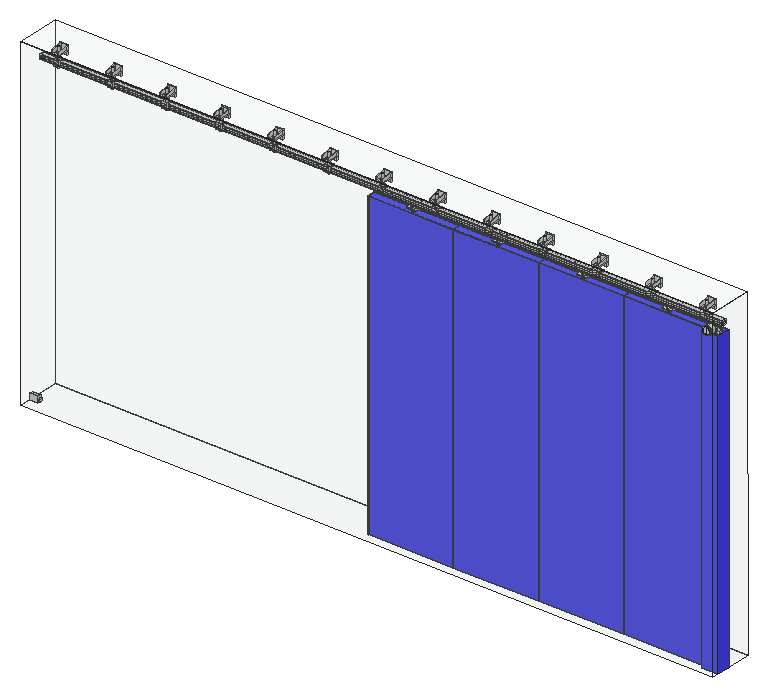
Revit family "Somati-System_SGS_Horizontal-fire-sliding-door_9050_lintel_E120_W-to-H-less-or-equal-1,3", category Doors, host Wall, Revit 2018
Family settings
  Host = Wall
  OmniClass Number = 23.30.10.00
  OmniClass Title = Doors
  Always vertical = Yes
  Cut with Voids When Loaded = No
  Shared = No
  Room Calculation Point = No
Parameters (values of type "EI 120")
  Youtube clip = "https://www.youtube.com/watch?v=pRjbxBvixFY&feature=emb_logo"
  Wing top offset [instance] = 136 mm  # constant formula
  Wing thickness = 81.2 mm
  Wing access (D) [instance] = [Width (W)] + 200 mm  # 4200 mm
  Width (W) [instance] = 4000 mm
  Weight Net (Kg) = "0"
  Uniformat II Description = ""
  Uniformat II Code = ""
  Uniclass 2015 Name = ""
  Uniclass 2015 Code = ""
  Uniclass 2.0 Description = ""
  Uniclass 2.0 Code = ""
  Uniclass 1.4 Description = ""
  Uniclass 1.4 Code = ""
  UNSPSC Code = ""
  Total height (Z) [instance] = Height Control + 420 mm  # 4020 mm
  Thickness = 0 mm
  Technical description = "https://somati-system.pl/en/download/sgs-download-en/"
  Region South America = "None"
  Region Oceania = "None"
  Region North America = "None"
  Region Middle East = "None"
  Region Europe = "AD, AL, AT, AX, BA, BE, BG, BY, CH, CY, CZ, DE, DK, EE, ES, FI, FO, FR, GB, GG, GI, GR, HR, HU, IE, IM, IS, IT, JE, LI, LT, LU, LV, MC, MD, ME, MK, MT, NL, NO, PL, PT, RO, RS, RU, SE, SI, SJ, SK, SM, UA, VA"
  Region Asia = "None"
  Region Antarctica = "None"
  Region Africa = "None"
  Rail and assembly materials [instance] = Somati - Stainless Steel - 7035
  QR code = "http://bimobject.com/somati-system/product/SGS_HORIZONTAL_FIRE_SLIDING_DOOR"
  Product url = "https://somati-system.pl/en/products/sgs-horizontal-fire-sliding-doors/"
  Product group = "SGS"
  Product family = "SGS"
  Product data url = "https://bimobject.com/somati-system/product/SGS_HORIZONTAL_FIRE_SLIDING_DOOR"
  Product certification = ""
  Product SKU = "SGS_HORIZONTAL_FIRE_SLIDING_DOOR"
  Product Guid = "8235eb12-0acf-4b60-9ca9-7613396e8d01"
  Power supply of control panel = "230V/50Hz/6A"  # constant formula
  Panel width [instance] = ([Width (W)] + 205 mm) / Number of panels in wing  # 1051.25 mm
  Panel material = Somati - Stainless Steel - Custom
  Panel height [instance] = Height Control + Wing top offset  # 3736 mm
  OmniClass Description = ""
  OmniClass Code = ""
  Offset Right [instance] = [Counterweight housing (A2)]  # 210 mm
  Offset Left [instance] = 0 mm
  Number of panels in wing [instance] = roundup([Width (W)] / 1000 mm)  # 4
  Number of hangers [instance] = ([Guide rail length (K)] - 420 mm) / 600 mm  # 13
  Nominal width = 0 mm
  Nominal height = 0 mm
  NBS Reference Description = ""
  NBS Reference Code = ""
  Model = "SGS"  # constant formula
  Max number of opening cycles = 50000  # constant formula
  Material secondary = "Composite"
  Material main = "Steel"
  Masterformat 2014 Description = ""
  Masterformat 2014 Code = ""
  Manufacturer name = "Somati System"
  Manufacturer country = "Poland"
  Manufacturer = "Somati System"  # constant formula
  Installation instructions = ""
  IFC Classification = ""
  Height Control [instance] = if([Height (H)] < 3501 mm, 3501 mm, [Height (H)])  # 3600 mm
  Height (H) [instance] = 3600 mm
  Guide rail lower edge (B1) [instance] = Height Control + 170 mm  # 3770 mm
  Guide rail length (K) [instance] = [Wing access (D)] + [Width (W)] + [Counterweight housing (A2)]  # 8410 mm
  Gate Control type = "Electromagnetic brake"  # constant formula
  GTIN code = ""
  Function = Interior
  Height = 2000 mm
  Wall Closure = By host
  Width = 1000 mm
  Fire resistance = "EI 60, EI 120 n"  # constant formula
  Edition number = 1
  Design country = "Poland"
  Date of publishing = ""
  Counterweight housing (A2) [instance] = if([Width (W)] / Height Control > 1.3, 360 mm, 210 mm)  # 210 mm
  Console mounting axis (B2) [instance] = if(Height Control > 3500 mm, Height Control + 239 mm, Height Control + 179 mm)  # 3839 mm
  Clearance Area Visibility [instance] = yes
  COBIe Type Category = ""
  Buffer (A1) [instance] = [Wing access (D)] + 130 mm  # 4330 mm
  Brand url = ""
  BIMobject main category code = "doors"
  BIMobject main category = "Doors"
  BIMobject category code = "doors-fire"
  BIMobject category = "Fire Doors & Shutters"
  Available surface fnish = "Galvanized Stainless Steel PVC, MDF, HDF, laminate or veneer, STANDARD RAL 7035, 9002, 9006, 9010, and powder coating of whole RAL pallet"  # constant formula
Reference planes
  plane 1: y = 0
  plane 2 "Center (Left/Right)": x = 0
  plane 3 "Left": x = -2000
  plane 4 "Right": x = 2000
  plane 5 "Cutout height": z = 3600
  plane 6 "Exterior": y = 150
  plane 7 "Interior": y = -150
  plane 8 "Consoles mounting axis": z = 3839
  plane 9 "Total height top": z = 4020
  plane 10 "Guide rail bottom": z = 3770
  plane 11 "Wing access": x = -6200
  plane 12 "Buffer placement": x = -6330
  plane 13 "Counterweight housing": x = 2210
  plane 14 "Handle": z = 1050
  plane 15 "Wing end left": x = -2145
  plane 16 "Wing end top": z = 3736
  plane 17 "Wing end right": x = 2060
  plane 18: y = -324
  plane 19 "Wing axis": y = -231.875
  plane 20: y = -75
  plane 21: y = -193.4
  plane 22: y = -270.35
  plane 23: x = -2147
  plane 24 "end of hangers": x = -5990
  plane 25: x = -1040
  plane 26: x = -2045
  plane 27: y = -295.35
  plane 28: y = -162.9
  plane 29: x = -6540
  plane 30: x = -6339
  plane 31: x = -6439.5
  plane 32: x = 2210
  plane 33: x = -6330
  plane 34: x = -6435
  plane 35: z = 3802
  plane 36: x = 2135
  plane 37: y = -400.826
  plane 38: y = -150
  plane 39: y = -150
Forms (mm)
  Sweep 1, solid
    path origin (0, -150, 0) x (1, 0, 0) y (0, 0, 1)
      loop
        line (-2000, 0) -> (-2000, 3582) -> (2000, 3582)
    profile origin (-2000, -150, 1791) x (-1, 0, 0) y (0, -1, 0)
      loop
        line (15, 33) -> (15, 4)
        arc (15, 4) -> (16.172, 1.172) -> (19, 0) r 4
        line (19, 0) -> (110.462, 0)
        arc (110.462, 0) -> (113.29, 1.172) -> (114.462, 4) r 4
        line (114.462, 4) -> (114.462, 29)
        arc (114.462, 29) -> (115.048, 30.414) -> (116.462, 31) r 2
        line (116.462, 31) -> (137.462, 31) -> (137.462, 33) -> (15, 33)
  Sweep 2, solid, material "Somati - Stainless Steel - Custom" <- "Panel material"
    path origin (0, -150, 0) x (1, 0, 0) y (0, 0, 1)
      loop
        line (-2145, 3736) -> (-2145, 0)
    profile origin (-2145, -150, 1868) x (0, -1, 0) y (1, 0, 0)
      loop
        arc (18.1, 2) -> (19.272, -0.828) -> (22.1, -2) r 4
        line (22.1, -2) -> (118.35, -2)
        arc (118.35, -2) -> (121.178, -0.828) -> (122.35, 2) r 4
        line (122.35, 2) -> (122.35, 13) -> (120.35, 13) -> (120.35, 2)
        arc (120.35, 2) -> (119.764, 0.586) -> (118.35, 0) r 2
        line (118.35, 0) -> (22.1, 0)
        arc (22.1, 0) -> (20.686, 0.586) -> (20.1, 2) r 2
        line (20.1, 2) -> (20.1, 23) -> (18.1, 23) -> (18.1, 2)
  Sweep 3, solid, material "Somati - Stainless Steel - Custom" <- "Panel material"
    path origin (0, -150, 0) x (1, 0, 0) y (0, 0, 1)
      loop
        line (-2147, 3736) -> (2060, 3736)
    profile origin (-43.5, -150, 3736) x (0, 0, 1) y (0, -1, 0)
      loop
        line (-23, 19.5) -> (-23, 17.5) -> (-2, 17.5)
        arc (-2, 17.5) -> (0.828, 18.672) -> (2, 21.5) r 4
        line (2, 21.5) -> (2, 117.5) -> (0, 117.5) -> (0, 21.5)
        arc (0, 21.5) -> (-0.586, 20.086) -> (-2, 19.5) r 2
        line (-2, 19.5) -> (-23, 19.5)
  Sweep 4, solid, material "Somati - Stainless Steel - Custom" <- "Panel material"
    path origin (0, -150, 0) x (1, 0, 0) y (0, 0, 1)
      loop
        line (2210, 3736) -> (2210, 0)
    profile origin (2210, -150, 1868) x (0, -1, 0) y (1, 0, 0)
      loop
        line (167.375, -198) -> (167.375, 0) -> (0, 0) -> (0, -201) -> (33, -201) -> (33, -152) -> (130.375, -152) -> (130.375, -198) -> (167.375, -198)
      loop
        line (2, -150) -> (133.375, -150) -> (133.375, -195) -> (163.375, -195) -> (163.375, -3) -> (2, -3) -> (2, -150)
  Sweep 5, solid, material "Somati - Stainless Steel - 7035" <- "Rail and assembly materials"
    path origin (0, -150, -4.5) x (1, 0, 0) y (0, 0, 1)
      loop
        line (-6200, 3774.5) -> (2210, 3774.5)
    profile origin (-1995, -150, 3770) x (0, 0, 1) y (0, -1, 0)
      loop
        arc (105, 105.25) -> (102.95, 110.2) -> (98, 112.25) r 7
        line (98, 112.25) -> (75.917, 112.25)
        arc (75.917, 112.25) -> (75.008, 112.191) -> (74.114, 112.014) r 7
        line (74.114, 112.014) -> (50.196, 105.636)
        arc (50.196, 105.636) -> (46.449, 103.137) -> (45, 98.872) r 7
        line (45, 98.872) -> (45, 88.75) -> (48, 88.75) -> (48, 100.25) -> (50.312, 102.562) -> (75.393, 109.25) -> (98, 109.25)
        arc (98, 109.25) -> (100.828, 108.078) -> (102, 105.25) r 4
        line (102, 105.25) -> (102, 54.25)
        arc (102, 54.25) -> (100.828, 51.422) -> (98, 50.25) r 4
        line (98, 50.25) -> (75.393, 50.25) -> (50.312, 56.938) -> (48, 59.25) -> (48, 70.75) -> (45, 70.75) -> (45, 60.628)
        arc (45, 60.628) -> (46.449, 56.363) -> (50.196, 53.864) r 7
        line (50.196, 53.864) -> (74.114, 47.486)
        arc (74.114, 47.486) -> (75.008, 47.309) -> (75.917, 47.25) r 7
        line (75.917, 47.25) -> (98, 47.25)
        arc (98, 47.25) -> (102.95, 49.3) -> (105, 54.25) r 7
        line (105, 54.25) -> (105, 105.25)
  Extrusion 6, solid, material "Clearance Areas", visible <- "Clearance Area Visibility"
    sketch origin (-2209.467, 358.585, 220.701) x (1, 0, 0) y (0, 0, -1)
      loop
        line (-4120.533, 220.701) -> (-4120.533, -3803.299) -> (4419.467, -3803.299) -> (4419.467, 220.701) -> (-4120.533, 220.701)
    from -759.411 to -208.585
  Sweep 7, solid, material "Somati - Stainless Steel - Custom" <- "Panel material", not visible
    path origin (0, -150, 0) x (1, 0, 0) y (0, 0, 1)
      loop
        line (2000, 0) -> (2000, 3736)
    profile origin (2000, -150, 1868) x (-1, 0, 0) y (0, -1, 0)
      loop
        line (-9, 0) -> (-9, 33) -> (-58, 33) -> (-58, 124) -> (-12, 124) -> (-12, 161) -> (-60, 161) -> (-60, 0) -> (-9, 0)
Lines and regions (mm)
  Opening 1
    outline origin (-3050, -150, 0) x (1, 0, 0) y (0, 0, 1)
      loop
        line (1050, 0) -> (5050, 0) -> (5050, 3600) -> (1050, 3600) -> (1050, 0)
Text (mm)
  text "Exterior" at (-2295.016, 1099.543, 0), in view "Ref. Level"
  text "Exterior" at (0, 1615.38, 3698.081), in view "Left"
  text "Exterior" at (0, 1036.032, 3874.932), in view "Right"
Dimensions and locks
  equal spacing: plane 3 "Left", plane 2 "Center (Left/Right)", plane 4 "Right"
  "Width (W)": plane 3 "Left" to plane 4 "Right"
  "Height Control": plane 5 "Cutout height" to host wall
  host wall to plane 5 "Cutout height" = 3600 mm  (x2)
  locked: plane 6 "Exterior" to host wall at 0
  locked: plane 7 "Interior" to host wall
  "Total height (Z)": plane 9 "Total height top" to level
  "Console mounting axis (B2)": plane 8 "Consoles mounting axis" to level
  "Guide rail lower edge (B1)": plane 10 "Guide rail bottom" to level
  "Buffer (A1)": plane 12 "Buffer placement" to plane 3 "Left"
  "Counterweight housing (A2)": plane 4 "Right" to plane 13 "Counterweight housing"
  "Wing access (D)": plane 11 "Wing access" to plane 3 "Left"
  locked: plane 14 "Handle" to level at 1050
  equal spacing: plane 21, plane 19 "Wing axis", plane 22
  equal spacing: group 1, group 6, group 14, group 2  (x3)
  locked: plane 4 "Right" to plane 17 "Wing end right" at 60
  "Wing top offset": plane 16 "Wing end top" to plane 5 "Cutout height"
  locked: plane 23 to plane 15 "Wing end left" at 2
  locked: Sweep 1 sketch curve to plane 5 "Cutout height" at 18
  locked: plane 24 "end of hangers" to plane 11 "Wing access" at 210
  equal spacing: group 4, group 17, group 16, group 15, group 13, group 12, group 11, group 10, group 9, group 8, group 7, group 5, group 3
  equal spacing: group 3, group 5, group 7, group 8, group 9, group 10, group 11, group 12, group 13, group 15, group 16, group 17, group 4  (x2)
  locked: plane 26 to plane 3 "Left" at 45
  locked: plane 28 to plane 21 at 30.5
  locked: plane 22 to plane 27 at 25
  plane 15 "Wing end left" to plane 3 "Left" = 145 mm
  locked: Sweep 4 to plane 19 "Wing axis" at 85.5
  locked: Sweep 4 sketch curve to Sweep 4 sketch curve at 3
  "Counterweight housing (A2)": plane 29 to plane 12 "Buffer placement"
  locked: plane 30 to plane 12 "Buffer placement" at 9
  equal spacing: plane 30, plane 31, plane 29
  "Offset Left": plane 33 to plane 12 "Buffer placement"
  "Offset Right": plane 4 "Right" to plane 32
  equal spacing: plane 29, plane 34, plane 12 "Buffer placement"
  locked: plane 35 to plane 16 "Wing end top" at 66
  equal spacing: plane 17 "Wing end right", plane 36, plane 32
  locked: host wall to plane 37 at 250.826
  locked: plane 19 "Wing axis" to host wall at 81.875
  aligned and locked: plane 3 "Left" to Opening 1 sketch curve
  aligned and locked: plane 5 "Cutout height" to Opening 1 sketch curve  (x2)
  aligned and locked: Opening 1 sketch curve to plane 4 "Right"
  aligned and locked: Opening 1 sketch curve to level
  aligned and locked: host wall to plane 1
  aligned and locked: nested 1 to plane 19 "Wing axis"
  aligned and locked: plane 15 "Wing end left" to nested 1
  aligned and locked: plane 17 "Wing end right" to nested 2
  aligned and locked: Sweep 1 sketch curve to plane 3 "Left"
  aligned and locked: plane 3 "Left" to Sweep 1 sketch curve
  aligned and locked: plane 4 "Right" to Sweep 1 sketch curve
  aligned and locked: level to Sweep 1 sketch curve
  aligned and locked: Sweep 2 sketch curve to plane 15 "Wing end left"
  aligned and locked: plane 16 "Wing end top" to Sweep 2 sketch curve
  aligned and locked: level to Sweep 2 sketch curve
  aligned and locked: Sweep 3 sketch curve to plane 16 "Wing end top"
  aligned and locked: Sweep 3 sketch curve to plane 23
  aligned and locked: plane 16 "Wing end top" to Sweep 4 sketch curve
  aligned and locked: plane 17 "Wing end right" to Sweep 3 sketch curve
  aligned and locked: nested 3 to plane 4 "Right"
  aligned and locked: nested 4 to plane 24 "end of hangers"
  aligned and locked: plane 6 "Exterior" to Extrusion 6
  aligned and locked: plane 13 "Counterweight housing" to Extrusion 6
  aligned and locked: Extrusion 6 to plane 12 "Buffer placement"
  aligned and locked: nested 2 to plane 19 "Wing axis"
  aligned and locked: plane 22 to Sweep 2
  aligned and locked: profile plane to Sweep 4 sketch curve
  aligned and locked: plane 17 "Wing end right" to Sweep 4 sketch curve
  aligned and locked: nested 6 to plane 19 "Wing axis"
  aligned and locked: nested 6 to plane 12 "Buffer placement"
  aligned and locked: Sweep 7 sketch curve to plane 4 "Right"
  aligned and locked: plane 16 "Wing end top" to Sweep 7 sketch curve
  aligned and locked: plane 32 to Sweep 5 sketch curve
  aligned and locked: Sweep 5 sketch curve to plane 10 "Guide rail bottom"
  aligned and locked: plane 9 "Total height top" to nested 3
  aligned and locked: plane 9 "Total height top" to nested 5
  aligned and locked: nested 3 to host wall
  aligned and locked: nested 5 to host wall
  aligned and locked: plane 11 "Wing access" to Sweep 5 sketch curve
  aligned and locked: nested 19 to plane 35
  aligned and locked: nested 19 to plane 19 "Wing axis"
  aligned and locked: plane 36 to nested 19
  aligned and locked: Extrusion 6 to plane 37
  aligned and locked: Extrusion 6 to nested 4
Automatic sketch dimensions
  Sweep 2 sketch curve to Sweep 2 sketch curve = 0 mm  (x4)
  Sweep 2 sketch curve to profile plane = 0 mm
  Sweep 2 sketch curve to profile plane = 2 mm  (x2)
  plane 7 "Interior" to Sweep 2 sketch curve = 18.1 mm
  Sweep 2 sketch curve to Sweep 2 sketch curve = 2 mm
  Sweep 2 sketch curve to Sweep 2 sketch curve = 96.25 mm
  Sweep 2 sketch curve to Sweep 2 sketch curve = 11 mm
  Sweep 2 sketch curve to Sweep 2 sketch curve = 21 mm
  Sweep 3 sketch curve to Sweep 3 sketch curve = 0 mm  (x2)
  profile plane to Sweep 3 sketch curve = 0 mm
  profile plane to Sweep 3 sketch curve = 2 mm
  Sweep 3 sketch curve to Sweep 3 sketch curve = 21 mm
  Sweep 3 sketch curve to Sweep 3 sketch curve = 2 mm
  plane 7 "Interior" to Sweep 3 sketch curve = 17.5 mm
  Sweep 3 sketch curve to Sweep 3 sketch curve = 96 mm
  Sweep 4 sketch curve to level = 0 mm
  Sweep 4 sketch curve to plane 13 "Counterweight housing" = 0 mm
  plane 7 "Interior" to Sweep 4 sketch curve = 0 mm
  plane 7 "Interior" to Sweep 4 sketch curve = 2 mm
  Sweep 4 sketch curve to Sweep 4 sketch curve = 31 mm
  Sweep 4 sketch curve to Sweep 4 sketch curve = 97.375 mm
  Sweep 4 sketch curve to Sweep 4 sketch curve = 3 mm  (x2)
  Sweep 4 sketch curve to Sweep 4 sketch curve = 30 mm
  Sweep 4 sketch curve to Sweep 4 sketch curve = 4 mm
  Sweep 4 sketch curve to Sweep 4 sketch curve = 2 mm
  Sweep 4 sketch curve to Sweep 4 sketch curve = 45 mm
  Sweep 4 sketch curve to Sweep 4 sketch curve = 49 mm
  plane 9 "Total height top" to Extrusion 6 sketch curve = 4 mm
  Extrusion 6 sketch curve to plane 12 "Buffer placement" = 0 mm
  Extrusion 6 sketch curve to plane 13 "Counterweight housing" = 0 mm
  Extrusion 6 sketch curve to level = 0 mm
  Sweep 7 sketch curve to plane 14 "Handle" = 1050 mm
  plane 7 "Interior" to Sweep 7 sketch curve = 0 mm
  profile plane to Sweep 7 sketch curve = 60 mm
  Sweep 7 sketch curve to Sweep 7 sketch curve = 2 mm
  profile plane to Sweep 7 sketch curve = 12 mm
  profile plane to Sweep 7 sketch curve = 9 mm
  plane 7 "Interior" to Sweep 7 sketch curve = 33 mm
  Sweep 7 sketch curve to Sweep 7 sketch curve = 91 mm
  Sweep 7 sketch curve to Sweep 7 sketch curve = 37 mm
  Sweep 5 sketch curve to Sweep 5 sketch curve = 0 mm  (x5)
  Sweep 5 sketch curve to profile plane = 45 mm  (x2)
  Sweep 5 sketch curve to profile plane = 48 mm  (x2)
  Sweep 5 sketch curve to profile plane = 50.196 mm  (x2)
  Sweep 5 sketch curve to Sweep 5 sketch curve = 0.115 mm  (x2)
  Sweep 5 sketch curve to Sweep 5 sketch curve = 1.688 mm  (x2)
  Sweep 5 sketch curve to Sweep 5 sketch curve = 23.917 mm  (x2)
  Sweep 5 sketch curve to Sweep 5 sketch curve = 1.279 mm  (x2)
  Sweep 5 sketch curve to Sweep 5 sketch curve = 1.804 mm
  Sweep 5 sketch curve to Sweep 5 sketch curve = 0.524 mm
  Sweep 5 sketch curve to Sweep 5 sketch curve = 22.083 mm  (x2)
  Sweep 5 sketch curve to Sweep 5 sketch curve = 4 mm
  Sweep 5 sketch curve to Sweep 5 sketch curve = 3 mm
  plane 7 "Interior" to Sweep 5 sketch curve = 47.25 mm
  Sweep 5 sketch curve to Sweep 5 sketch curve = 0.236 mm
  Sweep 5 sketch curve to Sweep 5 sketch curve = 6.378 mm  (x2)
  Sweep 5 sketch curve to Sweep 5 sketch curve = 3.074 mm  (x2)
  Sweep 5 sketch curve to Sweep 5 sketch curve = 2.312 mm
  Sweep 5 sketch curve to Sweep 5 sketch curve = 10.122 mm  (x2)
  Sweep 5 sketch curve to Sweep 5 sketch curve = 18 mm
  Sweep 5 sketch curve to Sweep 5 sketch curve = 1.378 mm
  plane 7 "Interior" to Sweep 1 sketch curve = 0 mm
  Sweep 1 sketch curve to profile plane = 15 mm
  Sweep 1 sketch curve to Sweep 1 sketch curve = 4 mm
  plane 7 "Interior" to Sweep 1 sketch curve = 4 mm
  Sweep 1 sketch curve to Sweep 1 sketch curve = 91.462 mm
  Sweep 1 sketch curve to Sweep 1 sketch curve = 2 mm
  Sweep 1 sketch curve to Sweep 1 sketch curve = 21 mm
  Sweep 1 sketch curve to Sweep 1 sketch curve = 25 mm
  Sweep 1 sketch curve to Sweep 1 sketch curve = 29 mm
Nested families
  nested 1: "Family2" at (-1619.375, -231.875, 0), Material <- "Panel material", Width <- "Panel width", Thickness <- "Wing thickness", Height <- "Panel height", type "Family2"
    with Width 1051.25 mm, Thickness 81.2 mm, Material Somati - Stainless Steel - Custom, Height 3736 mm
  nested 2: "Family2" at (1534.375, -231.875, 0), Material <- "Panel material", Width <- "Panel width", Thickness <- "Wing thickness", Height <- "Panel height", type "Family2"
    with Width 1051.25 mm, Thickness 81.2 mm, Material Somati - Stainless Steel - Custom, Height 3736 mm
  nested 3: "Family3" at (1966, -230.402, 3902) x (0, 1, 0) z (1, 0, 0), type "Family3", detail levels medium+fine
  nested 4: "Family3" at (-6024, -230.402, 3902) x (0, 1, 0) z (1, 0, 0), type "Family3", detail levels medium+fine
  nested 5: "Family3" at (1300.167, -230.402, 3902) x (0, 1, 0) z (1, 0, 0), type "Family3", detail levels medium+fine
  nested 6: "Stopper" at (-6280.037, -231.875, 0), type "Stopper", detail levels medium+fine
  nested 7: "Family2" at (-568.125, -231.875, 0), Material <- "Panel material", Width <- "Panel width", Thickness <- "Wing thickness", Height <- "Panel height", type "Family2"
    with Width 1051.25 mm, Thickness 81.2 mm, Material Somati - Stainless Steel - Custom, Height 3736 mm
  nested 8: "Family3" at (634.333, -230.402, 3902) x (0, 1, 0) z (1, 0, 0), type "Family3", detail levels medium+fine
  nested 9: "Family3" at (-31.5, -230.402, 3902) x (0, 1, 0) z (1, 0, 0), type "Family3", detail levels medium+fine
  nested 10: "Family3" at (-697.333, -230.402, 3902) x (0, 1, 0) z (1, 0, 0), type "Family3", detail levels medium+fine
  nested 11: "Family3" at (-1363.167, -230.402, 3902) x (0, 1, 0) z (1, 0, 0), type "Family3", detail levels medium+fine
  nested 12: "Family3" at (-2029, -230.402, 3902) x (0, 1, 0) z (1, 0, 0), type "Family3", detail levels medium+fine
  nested 13: "Family3" at (-2694.833, -230.402, 3902) x (0, 1, 0) z (1, 0, 0), type "Family3", detail levels medium+fine
  nested 14: "Family3" at (-3360.667, -230.402, 3902) x (0, 1, 0) z (1, 0, 0), type "Family3", detail levels medium+fine
  nested 15: "Family2" at (483.125, -231.875, 0), Material <- "Panel material", Width <- "Panel width", Thickness <- "Wing thickness", Height <- "Panel height", type "Family2"
    with Width 1051.25 mm, Thickness 81.2 mm, Material Somati - Stainless Steel - Custom, Height 3736 mm
  nested 16: "Family3" at (-4026.5, -230.402, 3902) x (0, 1, 0) z (1, 0, 0), type "Family3", detail levels medium+fine
  nested 17: "Family3" at (-4692.333, -230.402, 3902) x (0, 1, 0) z (1, 0, 0), type "Family3", detail levels medium+fine
  nested 18: "Family3" at (-5358.167, -230.402, 3902) x (0, 1, 0) z (1, 0, 0), type "Family3", detail levels medium+fine
  nested 19: "brake" at (2135, -231.875, 3781.165) x (1, 0, 0) z (0, -1, 0), type "brake"
Definition of nested family "Family2"
  Parameters (values of type "Family2")
    Width [instance] = 349.761 mm
    Thickness [instance] = 117.742 mm
    Material [instance] = none
    Height [instance] = 398.765 mm
    Hardware material = none
  Reference planes
    plane 1 "Center (Front/Back)": y = 0
    plane 2: z = 0
    plane 3 "Center (Left/Right)": x = 0
    plane 4: x = -174.88
    plane 5: x = 174.88
    plane 6: y = 58.871
    plane 7: y = -58.871
    plane 8: z = 398.765
  Forms (mm)
    Extrusion 1, solid, material <- "Material"
      sketch origin (0, 0, 0) x (1, 0, 0) y (0, 1, 0)
        loop
          line (-174.88, -58.871) -> (174.88, -58.871) -> (174.88, 58.871) -> (-174.88, 58.871) -> (-174.88, -58.871)
      from 0 to 398.765
  Dimensions and locks
    equal spacing: plane 4, plane 3 "Center (Left/Right)", plane 5
    "Width": plane 4 to plane 5
    equal spacing: plane 6, plane 1 "Center (Front/Back)", plane 7
    "Thickness": plane 6 to plane 7
    "Height": plane 8 to plane 2
    aligned and locked: level to plane 2
    aligned and locked: plane 6 to Extrusion 1
    aligned and locked: Extrusion 1 to plane 7
    aligned and locked: Extrusion 1 to plane 4
    aligned and locked: plane 5 to Extrusion 1
    aligned and locked: plane 6 to Extrusion 1 sketch curve
    aligned and locked: Extrusion 1 sketch curve to plane 7
    aligned and locked: Extrusion 1 sketch curve to plane 4
    aligned and locked: plane 5 to Extrusion 1 sketch curve
    aligned and locked: plane 8 to Extrusion 1
    aligned and locked: plane 3 "Center (Left/Right)" to nested 1
    aligned and locked: plane 1 "Center (Front/Back)" to nested 1
    aligned and locked: nested 1 to plane 8
  Nested families
    nested 1: "Family1" at (0, 0, 491.765), type "Family1", detail levels medium+fine
  Definition of nested family "Family1"
    Parameters (values of type "Family1")
      Material = none
    Reference planes
      plane 1 "Center (Front/Back)": y = 0
      plane 2: z = 0
      plane 3 "Center (Left/Right)": x = 0
      plane 4: y = 1.5
      plane 5: y = -1.5
      plane 6: z = -93
    Forms (mm)
      Extrusion 1, solid, material <- "Material"
        sketch origin (0, 0, 0) x (0, 1, 0) y (0, 0, 1)
          loop
            arc (-4, -26) -> (0.101, -35.899) -> (10, -40) r 14
            line (10, -40) -> (12, -40)
            arc (12, -40) -> (16.243, -41.757) -> (18, -46) r 6
            line (18, -46) -> (18, -48)
            arc (18, -48) -> (16.243, -52.243) -> (12, -54) r 6
            line (12, -54) -> (-34, -54) -> (-34, -62) -> (12, -62)
            arc (12, -62) -> (21.899, -57.899) -> (26, -48) r 14
            line (26, -48) -> (26, -46)
            arc (26, -46) -> (21.899, -36.101) -> (12, -32) r 14
            line (12, -32) -> (10, -32)
            arc (10, -32) -> (5.757, -30.243) -> (4, -26) r 6
            line (4, -26) -> (4, 38) -> (-4, 38) -> (-4, -26)
        from -55 to 55
      Revolve 2, solid, material <- "Material"
        sketch origin (0, 0, 0) x (1, 0, 0) y (0, 0, 1)
          loop
            line (0, -184) -> (8.5, -184) -> (10, -182.5) -> (10, -94) -> (12.375, -94)
            arc (12.375, -94) -> (14.57, -93.613) -> (16.5, -92.5) r 6.422
            line (16.5, -92.5) -> (16.5, -86)
            arc (16.5, -86) -> (14.667, -84.526) -> (12.375, -84) r 5.254
            line (12.375, -84) -> (10, -84) -> (10, -75) -> (12.375, -75)
            arc (12.375, -75) -> (14.57, -74.613) -> (16.5, -73.5) r 6.422
            line (16.5, -73.5) -> (16.5, -67)
            arc (16.5, -67) -> (14.667, -65.526) -> (12.375, -65) r 5.254
            line (12.375, -65) -> (20, -65) -> (20, -62) -> (0, -62) -> (0, -184)
          loop
            line (16.5, -54) -> (16.5, -43)
            arc (16.5, -43) -> (14.667, -41.526) -> (12.375, -41) r 5.254
            line (12.375, -41) -> (0, -41) -> (0, -54) -> (16.5, -54)
          axis (0, -184) -> (0, -41)
        angle from 0 to 360
      Extrusion 3, void
        sketch origin (0, 0, 23) x (1, 0, 0) y (0, 0, 1)
          loop
            arc (-55, -28.637) -> (0, 15) -> (55, -28.637) r 56.479
            line (55, -28.637) -> (55, 17.5) -> (-55, 17.5) -> (-55, -28.637)
        from -23 to 30.5
      Extrusion 4, solid, material <- "Material"
        sketch origin (25, 0, 12.612) x (1, 0, 0) y (0, 0, 1)
          loop
            circle (70, 0) r 9
        from -7 to -3
      Extrusion 5, solid, material <- "Material"
        sketch origin (25, 0, 12.612) x (1, 0, 0) y (0, 0, -1)
          loop
            circle (70, -1.528) r 25
        from -22 to -9
      Sweep 6, void
        path in 3D
          loop
            arc (70, -9, 14.141) -> (95, -9, -10.859) -> (120, -9, 14.141) r 25
            arc (120, -9, 14.141) -> (95, -9, 39.141) -> (70, -9, 14.141) r 25
        profile origin (95, -9, 39.141) x (0, 0, 1) y (0, 1, 0)
          loop
            line (-1.5, 0) -> (0, -1.5) -> (0.954, -0.546) -> (-0.546, 0.954) -> (-1.5, 0)
      Extrusion 7, solid, material <- "Material"
        sketch origin (25, 0, 12.612) x (1, 0, 0) y (0, 0, -1)
          loop
            circle (70, 0) r 9
        from -7 to -3
      Extrusion 8, solid, material <- "Material"
        sketch origin (-25, 0, 12.612) x (-1, 0, 0) y (0, 0, -1)
          loop
            circle (70, 0) r 9
        from -9 to -1.5
      Extrusion 9, solid, material <- "Material"
        sketch origin (-25, 0, 12.612) x (-1, 0, 0) y (0, 0, 1)
          loop
            circle (70, 0) r 9
        from -9 to -1.5
      Extrusion 10, solid, material <- "Material"
        sketch origin (0, 0, 0) x (1, 0, 0) y (0, 0, 1)
          loop
            line (114, 38) -> (-114, 38)
            arc (-114, 38) -> (-118.243, 36.243) -> (-120, 32) r 6
            line (-120, 32) -> (-120, -6)
            arc (-120, -6) -> (-118.243, -10.243) -> (-114, -12) r 6
            line (-114, -12) -> (-70, -12) -> (-70, -4) -> (-24.592, -4) -> (24.592, -4) -> (70, -4) -> (70, -12) -> (114, -12)
            arc (114, -12) -> (118.243, -10.243) -> (120, -6) r 6
            line (120, -6) -> (120, 32)
            arc (120, 32) -> (118.243, 36.243) -> (114, 38) r 6
        from -1.5 to 1.5
      Revolve 11, solid, material <- "Material"
        sketch origin (0, 0, 0) x (0, 1, 0) y (0, 0, 1)
          loop
            arc (-22.5, -52.2) -> (-24.522, -52.351) -> (-26.5, -52.8) r 13.633
            line (-26.5, -52.8) -> (-26.5, -54) -> (-22.5, -54) -> (-22.5, -52.2)
          axis (-22.5, -54) -> (-22.5, -52.2)
        angle from 0 to 360
      Sweep 12, void
        path in 3D
          loop
            arc (70, -22, 14.141) -> (95, -22, -10.859) -> (120, -22, 14.141) r 25
            arc (120, -22, 14.141) -> (95, -22, 39.141) -> (70, -22, 14.141) r 25
        profile origin (95, -22, 39.141) x (0, 0, -1) y (0, -1, 0)
          loop
            line (1.5, 0) -> (0.546, 0.954) -> (-0.954, -0.546) -> (0, -1.5) -> (1.5, 0)
      Extrusion 13, solid, material <- "Material"
        sketch origin (25, 0, 12.612) x (1, 0, 0) y (0, 0, 1)
          loop
            circle (70, 1.528) r 25
        from -22 to -9
      Sweep 14, void
        path in 3D
          loop
            arc (120, 9, 14.141) -> (95, 9, -10.859) -> (70, 9, 14.141) r 25
            arc (70, 9, 14.141) -> (95, 9, 39.141) -> (120, 9, 14.141) r 25
        profile origin (95, 9, 39.141) x (0, 0, 1) y (0, -1, 0)
          loop
            line (-1.5, 0) -> (0, -1.5) -> (0.954, -0.546) -> (-0.546, 0.954) -> (-1.5, 0)
      Sweep 15, void
        path in 3D
          loop
            arc (70, 22, 14.141) -> (95, 22, -10.859) -> (120, 22, 14.141) r 25
            arc (120, 22, 14.141) -> (95, 22, 39.141) -> (70, 22, 14.141) r 25
        profile origin (95, 22, 39.141) x (0, 0, 1) y (0, 1, 0)
          loop
            line (-1.5, 0) -> (0, -1.5) -> (0.954, -0.546) -> (-0.546, 0.954) -> (-1.5, 0)
      Extrusion 16, solid, material <- "Material"
        sketch origin (-25, 0, 12.612) x (-1, 0, 0) y (0, 0, -1)
          loop
            circle (70, 0) r 9
        from -9 to -3
      Extrusion 17, solid, material <- "Material"
        sketch origin (-25, 0, 12.612) x (-1, 0, 0) y (0, 0, 1)
          loop
            circle (70, 1.528) r 25
        from -22 to -9
      Sweep 18, void
        path in 3D
          loop
            arc (-120, -9, 14.141) -> (-95, -9, -10.859) -> (-70, -9, 14.141) r 25
            arc (-70, -9, 14.141) -> (-95, -9, 39.141) -> (-120, -9, 14.141) r 25
        profile origin (-95, -9, 39.141) x (0, 0, 1) y (0, 1, 0)
          loop
            line (-1.5, 0) -> (0, -1.5) -> (0.954, -0.546) -> (-0.546, 0.954) -> (-1.5, 0)
      Extrusion 19, solid, material <- "Material"
        sketch origin (-25, 0, 12.612) x (-1, 0, 0) y (0, 0, 1)
          loop
            circle (70, 0) r 9
        from -9 to -3
      Sweep 20, void
        path in 3D
          loop
            arc (-70, -22, 14.141) -> (-95, -22, -10.859) -> (-120, -22, 14.141) r 25
            arc (-120, -22, 14.141) -> (-95, -22, 39.141) -> (-70, -22, 14.141) r 25
        profile origin (-95, -22, 39.141) x (0, 0, 1) y (0, -1, 0)
          loop
            line (-1.5, 0) -> (0, -1.5) -> (0.954, -0.546) -> (-0.546, 0.954) -> (-1.5, 0)
      Extrusion 21, solid, material <- "Material"
        sketch origin (-25, 0, 12.612) x (-1, 0, 0) y (0, 0, -1)
          loop
            circle (70, -1.528) r 25
        from -22 to -9
      Sweep 22, void
        path in 3D
          loop
            arc (-70, 9, 14.141) -> (-95, 9, -10.859) -> (-120, 9, 14.141) r 25
            arc (-120, 9, 14.141) -> (-95, 9, 39.141) -> (-70, 9, 14.141) r 25
        profile origin (-95, 9, 39.141) x (0, 0, 1) y (0, -1, 0)
          loop
            line (-1.5, 0) -> (0, -1.5) -> (0.954, -0.546) -> (-0.546, 0.954) -> (-1.5, 0)
      Sweep 23, void
        path in 3D
          loop
            arc (-70, 22, 14.141) -> (-95, 22, -10.859) -> (-120, 22, 14.141) r 25
            arc (-120, 22, 14.141) -> (-95, 22, 39.141) -> (-70, 22, 14.141) r 25
        profile origin (-95, 22, 39.141) x (0, 0, -1) y (0, 1, 0)
          loop
            line (1.5, 0) -> (0.546, 0.954) -> (-0.954, -0.546) -> (0, -1.5) -> (1.5, 0)
    Cuts and joins
      Extrusion 3 cuts Extrusion 1
      Sweep 6, Sweep 12, Sweep 14, Sweep 15, Sweep 18, Sweep 20 cuts Extrusion 5
      Sweep 14, Sweep 15, Sweep 22, Sweep 23 cuts Extrusion 13
      Sweep 18, Sweep 20 cuts Extrusion 17
      Sweep 22, Sweep 23 cuts Extrusion 21
    Lines and regions (mm)
      sketch lines
        curve 1: arc (120, -9, 14.141) -> (95, -9, 39.141) -> (70, -9, 14.141) r 25
        curve 2: arc (70, -9, 14.141) -> (95, -9, -10.859) -> (120, -9, 14.141) r 25
        curve 3: arc (120, -22, 14.141) -> (95, -22, 39.141) -> (70, -22, 14.141) r 25
        curve 4: arc (70, -22, 14.141) -> (95, -22, -10.859) -> (120, -22, 14.141) r 25
        curve 5: arc (70, 9, 14.141) -> (95, 9, 39.141) -> (120, 9, 14.141) r 25
        curve 6: arc (120, 9, 14.141) -> (95, 9, -10.859) -> (70, 9, 14.141) r 25
        curve 7: arc (120, 22, 14.141) -> (95, 22, 39.141) -> (70, 22, 14.141) r 25
        curve 8: arc (70, 22, 14.141) -> (95, 22, -10.859) -> (120, 22, 14.141) r 25
        curve 9: arc (-70, -9, 14.141) -> (-95, -9, 39.141) -> (-120, -9, 14.141) r 25
        curve 10: arc (-120, -9, 14.141) -> (-95, -9, -10.859) -> (-70, -9, 14.141) r 25
        curve 11: arc (-120, -22, 14.141) -> (-95, -22, 39.141) -> (-70, -22, 14.141) r 25
        curve 12: arc (-70, -22, 14.141) -> (-95, -22, -10.859) -> (-120, -22, 14.141) r 25
        curve 13: arc (-120, 9, 14.141) -> (-95, 9, 39.141) -> (-70, 9, 14.141) r 25
        curve 14: arc (-70, 9, 14.141) -> (-95, 9, -10.859) -> (-120, 9, 14.141) r 25
        curve 15: arc (-120, 22, 14.141) -> (-95, 22, 39.141) -> (-70, 22, 14.141) r 25
        curve 16: arc (-70, 22, 14.141) -> (-95, 22, -10.859) -> (-120, 22, 14.141) r 25
    Dimensions and locks
      aligned and locked: level to plane 2
Definition of nested family "Family3"
  Parameters (values of type "Family3")
    Material = none
    Default Elevation = 1219.2 mm
  Reference planes
    plane 1 "Center (Front/Back)": y = 0
    plane 2: z = 0
    plane 3 "Center (Left/Right)": x = 0
    plane 4: z = 34
    plane 5: y = -35.027
  Forms (mm)
    Extrusion 1, solid, material <- "Material"
      sketch origin (-42.203, -116.551, 0) x (1, 0, 0) y (0, 1, 0)
        loop
          arc (11.703, 98.551) -> (4.632, 95.622) -> (1.703, 88.551) r 10
          line (1.703, 88.551) -> (1.703, 54.862)
          arc (1.703, 54.862) -> (1.787, 53.562) -> (2.04, 52.285) r 10
          line (2.04, 52.285) -> (7.723, 30.974)
          arc (7.723, 30.974) -> (11.293, 25.621) -> (17.385, 23.551) r 10
          line (17.385, 23.551) -> (29.703, 23.551) -> (29.703, 29.551) -> (17.385, 29.551)
          arc (17.385, 29.551) -> (14.948, 30.379) -> (13.52, 32.52) r 4
          line (13.52, 32.52) -> (7.838, 53.831)
          arc (7.838, 53.831) -> (7.737, 54.342) -> (7.703, 54.862) r 4
          line (7.703, 54.862) -> (7.703, 88.551)
          arc (7.703, 88.551) -> (8.874, 91.38) -> (11.703, 92.551) r 4
          line (11.703, 92.551) -> (72.703, 92.551)
          arc (72.703, 92.551) -> (75.531, 91.38) -> (76.703, 88.551) r 4
          line (76.703, 88.551) -> (76.703, 54.862)
          arc (76.703, 54.862) -> (76.669, 54.342) -> (76.568, 53.831) r 4
          line (76.568, 53.831) -> (70.885, 32.52)
          arc (70.885, 32.52) -> (69.457, 30.379) -> (67.02, 29.551) r 4
          line (67.02, 29.551) -> (54.703, 29.551) -> (54.703, 23.551) -> (67.02, 23.551)
          arc (67.02, 23.551) -> (73.112, 25.621) -> (76.682, 30.974) r 10
          line (76.682, 30.974) -> (82.365, 52.285)
          arc (82.365, 52.285) -> (82.618, 53.562) -> (82.703, 54.862) r 10
          line (82.703, 54.862) -> (82.703, 88.551)
          arc (82.703, 88.551) -> (79.774, 95.622) -> (72.703, 98.551) r 10
          line (72.703, 98.551) -> (11.703, 98.551)
      from 0 to 68
    Revolve 2, solid, material <- "Material"
      sketch origin (0, 15, 34) x (1, 0, 0) y (0, 1, 0)
        loop
          line (0, -33) -> (10, -33) -> (10, 12) -> (12.375, 12)
          arc (12.375, 12) -> (14.57, 12.387) -> (16.5, 13.5) r 6.422
          line (16.5, 13.5) -> (16.5, 20)
          arc (16.5, 20) -> (14.667, 21.474) -> (12.375, 22) r 5.254
          line (12.375, 22) -> (20, 22) -> (20, 25) -> (0, 25) -> (0, -33)
        loop
          line (0, 33) -> (20, 33) -> (20, 36) -> (12.375, 36)
          arc (12.375, 36) -> (14.57, 36.387) -> (16.5, 37.5) r 6.422
          line (16.5, 37.5) -> (16.5, 44)
          arc (16.5, 44) -> (14.667, 45.474) -> (12.375, 46) r 5.254
          line (12.375, 46) -> (10, 46) -> (10, 105.5) -> (8.5, 107) -> (0, 107) -> (0, 33)
        axis (0, 107) -> (0, -33)
      angle from 0 to 360
    Extrusion 3, solid, material <- "Material"
      sketch origin (-0.197, 0, 63.854) x (0, 1, 0) y (0, 0, -1)
        loop
          line (107, 76.927) -> (54, 76.927)
          arc (54, 76.927) -> (44.1, 72.827) -> (40, 62.927) r 14
          line (40, 62.927) -> (40, 0.927)
          arc (40, 0.927) -> (44.1, -8.972) -> (54, -13.073) r 14
          line (54, -13.073) -> (107, -13.073) -> (107, -5.073) -> (54, -5.073)
          arc (54, -5.073) -> (49.757, -3.315) -> (48, 0.927) r 6
          line (48, 0.927) -> (48, 62.927)
          arc (48, 62.927) -> (49.757, 67.17) -> (54, 68.927) r 6
          line (54, 68.927) -> (107, 68.927) -> (107, 76.927)
      from -72.598 to 49.402
    Extrusion 4, solid, material <- "Material"
      sketch origin (-0.197, 0, 63.854) x (0, 1, 0) y (0, 0, -1)
        loop
          line (118, 76.927) -> (8, 76.927) -> (8, -13.073) -> (118, -13.073) -> (118, 76.927)
      from -80.598 to -72.598
    Extrusion 5, void
      sketch origin (-0.197, 0, 63.854) x (0, 1, 0) y (-1, 0, 0)
        loop
          line (80.705, 49.402) -> (107, -71.653) -> (107, 49.402) -> (80.705, 49.402)
      from -76.927 to 13.073
  Cuts and joins
    Extrusion 5 cuts Extrusion 3
  Dimensions and locks
    aligned and locked: level to plane 2
Definition of nested family "Stopper"
  Parameters (values of type "Stopper")
    Material = none
  Reference planes
    plane 1 "Center (Front/Back)": y = 0
    plane 2: z = 0
    plane 3 "Center (Left/Right)": x = 0
  Forms (mm)
    Extrusion 1, solid
      sketch origin (0, -69.316, 40.1) x (1, 0, 0) y (0, 1, 0)
        loop
          line (-49.963, 50.816) -> (50, 50.816) -> (50, 87.816) -> (-49.963, 87.816) -> (-49.963, 50.816)
      from -40 to 40
    Revolve 2, solid, material <- "Material"
      sketch origin (0, -18.5, 40.1) x (1, 0, 0) y (0, 1, 0)
        loop
          line (50, 36.9) -> (50, 18.5) -> (67.112, 18.5) -> (67.112, 36.9) -> (50, 36.9)
        axis (50, 18.5) -> (67.112, 18.5)
      angle from 0 to 360
  Dimensions and locks
    aligned and locked: level to plane 2
Definition of nested family "brake"
  Parameters (values of type "brake")
    Material = none
    Default Elevation = 1219.2 mm
  Reference planes
    plane 1 "Center (Front/Back)": y = 0
    plane 2: z = 0
    plane 3 "Center (Left/Right)": x = 0
    plane 4: z = 0
  Forms (mm)
    Revolve 1, solid, material <- "Material", detail levels medium+fine
      sketch origin (-1.83, 20.835, 169) x (0, 1, 0) y (0, 0, -1)
        loop
          line (0, 113.55) -> (0, 0) -> (43.75, 0)
          arc (43.75, 0) -> (44.457, 0.293) -> (44.75, 1) r 1
          line (44.75, 1) -> (44.75, 14.373) -> (47.25, 17.352) -> (47.25, 76) -> (45.25, 78) -> (47.5, 78) -> (47.5, 81) -> (21.5, 81) -> (21.5, 89.5)
          arc (21.5, 89.5) -> (21.207, 90.207) -> (20.5, 90.5) r 1
          line (20.5, 90.5) -> (12.5, 90.5) -> (12.5, 93.55) -> (23, 93.55) -> (23, 95.3) -> (48, 95.3) -> (48, 97.8) -> (43.067, 101.346) -> (48, 104.8) -> (48, 107.3) -> (23, 107.3) -> (23, 109.05) -> (12, 109.05) -> (12, 110.55) -> (6, 110.55) -> (6, 112.55) -> (5, 113.55) -> (0, 113.55)
        axis (0, 113.55) -> (0, 0)
      angle from 0 to 360
    Revolve 2, solid, material <- "Material", detail levels medium+fine
      sketch origin (-49.158, 19.721, 169) x (0, 1, 0) y (0, 0, -1)
        loop
          line (-40, 180) -> (-40, 139.5) -> (-30.5, 139.5) -> (-29.03, 140.349) -> (-29.03, 147.5) -> (-26.5, 147.5) -> (-26.5, 150) -> (-33.5, 150) -> (-33.5, 153) -> (-28, 153) -> (-28, 155) -> (-12.5, 155) -> (-12.5, 157) -> (-16.068, 158.552)
          arc (-16.068, 158.552) -> (-18, 161.5) -> (-16.068, 164.448) r 3.214
          line (-16.068, 164.448) -> (-12.5, 166) -> (-12.5, 168) -> (-28, 168) -> (-28, 170) -> (-30.5, 170) -> (-29.03, 170.849) -> (-29.03, 178) -> (-30.5, 178.849) -> (-33.899, 178.849) -> (-35.05, 180) -> (-40, 180)
        axis (-40, 180) -> (-40, 139.5)
      angle from 0 to 360
    Revolve 3, solid, material <- "Material", detail levels medium+fine
      sketch origin (53.17, 20.835, 169) x (0, 1, 0) y (0, 0, -1)
        loop
          line (-7.5, 169) -> (33, 169) -> (33, 173.95) -> (31.95, 175) -> (3, 175) -> (3, 182.5) -> (0.5, 182.5) -> (0.5, 179.97) -> (-6.651, 179.97) -> (-7.5, 178.5) -> (-7.5, 169)
        axis (-7.5, 169) -> (33, 169)
      angle from 0 to 360
    Extrusion 4, solid, material <- "Material"
      sketch origin (-1.83, 20.835, 169) x (0, 1, 0) y (0, 0, -1)
        loop
          arc (3, 154.5) -> (2.561, 153.439) -> (1.5, 153) r 1.5
          line (1.5, 153) -> (-56, 153)
          arc (-56, 153) -> (-58.121, 152.121) -> (-59, 150) r 3
          line (-59, 150) -> (-59, 81)
          arc (-59, 81) -> (-58.121, 78.879) -> (-56, 78) r 3
          line (-56, 78) -> (47.5, 78) -> (47.5, 81) -> (-56, 81) -> (-56, 150) -> (1.5, 150)
          arc (1.5, 150) -> (4.682, 151.318) -> (6, 154.5) r 4.5
          line (6, 154.5) -> (6, 187) -> (3, 187) -> (3, 154.5)
      from -70 to 70
    Revolve 5, solid, material <- "Material", detail levels medium+fine
      sketch origin (-56.83, 20.835, 169) x (0, 1, 0) y (0, 0, 1)
        loop
          line (-7.5, -169) -> (-7.5, -178.5) -> (-6.651, -179.97) -> (0.5, -179.97) -> (0.5, -182.5) -> (3, -182.5) -> (3, -175) -> (31.95, -175) -> (33, -173.95) -> (33, -169) -> (-7.5, -169)
        axis (-7.5, -169) -> (33, -169)
      angle from 0 to 360
    Extrusion 6, void
      sketch origin (-1.83, 68.335, 91) x (1, 0, 0) y (0, -1, 0)
        loop
          line (-69.695, 98.721) -> (-77.865, 98.721) -> (-77.865, -6.279) -> (79.695, -6.279) -> (79.695, 98.721) -> (69.695, 98.721) -> (44.608, 30.233)
          arc (44.608, 30.233) -> (0, -0.933) -> (-44.608, 30.233) r 47.506
          line (-44.608, 30.233) -> (-69.695, 98.721)
      from 0 to 75
    Extrusion 7, solid, material <- "Material", detail levels coarse
      sketch origin (0, 0, 0) x (1, 0, 0) y (0, 1, 0)
        loop
          circle (-1.83, 20.835) r 48
      from 61.7 to 170.45
    Extrusion 8, solid, material <- "Material", detail levels coarse
      sketch origin (0, 0, 0) x (1, 0, 0) y (0, 1, 0)
        loop
          circle (-49.158, -20.279) r 27.5
      from 0 to 14
  Cuts and joins
    Extrusion 6 cuts Revolve 3
    Extrusion 6 cuts Revolve 5
    Extrusion 6 cuts Extrusion 4
  Lines and regions (mm)
    reference lines
      curve 1: line (0, 53.835, 0) -> (0, -57.961, 0)
      curve 2: line (0, 20.835, 55.45) -> (0, 20.835, 170.45)
  Dimensions and locks
    aligned and locked: level to plane 2
